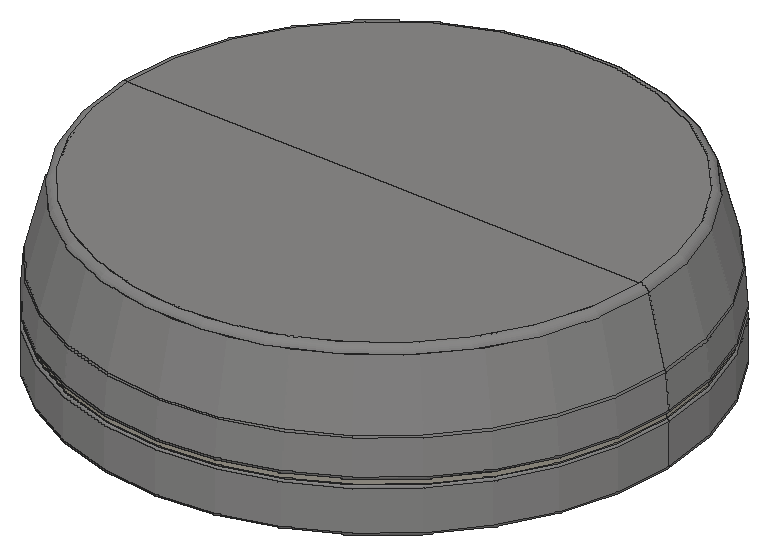
Revit family "Seating-Large-Teknion-STBD_Qui-R2013", category Furniture, Revit 2013
Parameters (values of type "Large")
  Width = 60.000"
  Warranty = "http://www.teknionstudio.com/pdfs/Teknion%20Studio%20Warranty.pdf"
  Unit Weight = 0.00 lbf
  URL = "www.teknionstudio.com"
  Top Upholstery Finish [instance] = Fabric - Teknion - F206 - Full Wool - Fantasme
  Thread Finish [instance] = Thread - Teknion - Silver
  Series = "Studio"
  Product Line = "Qui"
  Product Documentation Link = "http://www.teknionstudio.com/pricing/STBD_ppg.pdf"
  Part Number = "STBD"
  No Casters = no
  Model = "STBD4"
  Mid Wood Finish [instance] = Wood - Teknion - MP - Natural Maple
  Manufacturer Phone = "919-464-2920"
  Manufacturer Fax = "919-464-2927"
  Manufacturer Email = "customersupport@teknionstudio.com"
  Manufacturer Address = "3941 US 70 Business HWY West, Clayton, NC 27520"
  Manufacturer = "Teknion Studio"
  Low Emitting Material = yes
  Low Emitting Finish = yes
  Height = 17.3001"
  Description = "Qui Large Ottoman - Wood Mid Panel, 60\"dia x 18\"h / 152cm x 46cm"
  Depth = 60.000"
  Base Upholstery Finish [instance] = Fabric - Teknion - F206 - Full Wool - Fantasme
  Assembly Code = "E2020200"
Reference planes (in)
  plane 1 "Center F/B": y = 0
  plane 2: z = 0
  plane 3 "Center L/R": x = 0
  plane 4 "Left": x = -30
  plane 5 "Right": x = 30
  plane 6 "Back": y = 30
  plane 7 "Front": y = -30
  plane 8 "Top": z = 17.3001
  plane 9 "Mid Top": z = 5.99
  plane 10 "Mid Bottom": z = 5.4351
  plane 11 "Casters Top": z = 2.6851
  plane 12 "Bottom": z = 0.75
  plane 13: y = -10.5
  plane 14: through (0, 0, 48) normal (-0.5, 0.866, 0)
  plane 15: through (0, 0, 48) normal (0.5, 0.866, 0)
  plane 16 "Wheel Mid Plane": z = 1.19
  plane 17 "Thread 2": z = 16.6501
  plane 18 "Thread 3": x = -0.325
  plane 19 "Thread 4": x = 0.325
  plane 20: x = -3.725
  plane 21: x = 3.725
  plane 22: z = 5.61
  plane 23: z = 5.81
Forms (in)
  Revolve 1, solid, material "Fabric - Teknion - F206 - Full Wool - Fantasme" <- "Base Upholstery Finish"
    sketch origin (0, 0, 0) x (1, 0, 0) y (0, 0, 1)
      loop
        line (0, 5.4351) -> (-29.75, 5.4351)
        arc (-29.75, 5.4351) -> (-29.92678, 5.36188) -> (-30, 5.1851) r 0.25
        line (-30, 5.1851) -> (-30, 1)
        arc (-30, 1) -> (-29.92678, 0.82322) -> (-29.75, 0.75) r 0.25
        line (-29.75, 0.75) -> (0, 0.75) -> (0, 5.4351)
      axis (0, 5.4351) -> (0, 0.75)
    angle from 0 to 360
  Revolve 2, solid, material "Wood - Teknion - MP - Natural Maple" <- "Mid Wood Finish"
    sketch origin (0, 0, 0) x (1, 0, 0) y (0, 0, 1)
      loop
        arc (-29.65, 6.0501) -> (-29.72071, 6.02081) -> (-29.75, 5.9501) r 0.1
        line (-29.75, 5.9501) -> (-29.75, 5.47013)
        arc (-29.75, 5.47013) -> (-29.72067, 5.39933) -> (-29.64987, 5.37) r 0.10013
        line (-29.64987, 5.37) -> (0, 5.37) -> (0, 6.0501) -> (-29.65, 6.0501)
      axis (0, 6.0501) -> (0, 5.37)
    angle from 0 to 360
  Revolve 3, solid, material "Fabric - Teknion - F206 - Full Wool - Fantasme" <- "Top Upholstery Finish"
    sketch origin (0, 0, 0) x (1, 0, 0) y (0, 0, 1)
      loop
        line (0, 17.3001) -> (0, 5.99) -> (29.73328, 5.99)
        arc (29.73328, 5.99) -> (29.9176, 6.0711) -> (29.98233, 6.26179) r 0.25
        line (29.98233, 6.26179) -> (29.67651, 9.75731)
        arc (29.67651, 9.75731) -> (29.66114, 9.87407) -> (29.63565, 9.98906) r 1.35
        line (29.63565, 9.98906) -> (27.8554, 16.63304)
        arc (27.8554, 16.63304) -> (27.53395, 17.11412) -> (26.98607, 17.3001) r 0.9
        line (26.98607, 17.3001) -> (0, 17.3001)
      axis (0, 5.99) -> (0, 17.3001)
    angle from 0 to 360
  Revolve 4, solid, material "Plastic - Teknion - E - Ebony"
    sketch origin (0, -16.9, 0) x (0, 1, 0) y (0, 0, 1)
      loop
        line (-10.5, 0) -> (-10.5, 0.75) -> (-11, 0.75) -> (-10.89982, 0) -> (-10.5, 0)
      axis (-10.5, 0) -> (-10.5, 0.75)
    angle from 0 to 360
  Revolve 5, solid, material "Plastic - Teknion - E - Ebony"
    sketch origin (-14.63583, -8.45, 0) x (0.866025, 0.5, 0) y (0, 0, 1)
      loop
        line (-10.5, 0) -> (-10.5, 0.75) -> (-11, 0.75) -> (-10.89982, 0) -> (-10.5, 0)
      axis (-10.5, 0) -> (-10.5, 0.75)
    angle from 0 to 360
  Revolve 6, solid, material "Plastic - Teknion - E - Ebony"
    sketch origin (-14.63583, 8.45, 0) x (0.866025, -0.5, 0) y (0, 0, 1)
      loop
        line (-10.5, 0) -> (-10.5, 0.75) -> (-11, 0.75) -> (-10.89982, 0) -> (-10.5, 0)
      axis (-10.5, 0) -> (-10.5, 0.75)
    angle from 0 to 360
  Revolve 7, solid, material "Plastic - Teknion - E - Ebony"
    sketch origin (0, 16.9, 0) x (0, -1, 0) y (0, 0, 1)
      loop
        line (-10.5, 0) -> (-10.5, 0.75) -> (-11, 0.75) -> (-10.89982, 0) -> (-10.5, 0)
      axis (-10.5, 0) -> (-10.5, 0.75)
    angle from 0 to 360
  Revolve 8, solid, material "Plastic - Teknion - E - Ebony"
    sketch origin (14.63583, 8.45, 0) x (-0.866025, -0.5, 0) y (0, 0, 1)
      loop
        line (-10.5, 0) -> (-10.5, 0.75) -> (-11, 0.75) -> (-10.89982, 0) -> (-10.5, 0)
      axis (-10.5, 0) -> (-10.5, 0.75)
    angle from 0 to 360
  Revolve 9, solid, material "Plastic - Teknion - E - Ebony"
    sketch origin (14.63583, -8.45, 0) x (-0.866025, 0.5, 0) y (0, 0, 1)
      loop
        line (-10.5, 0) -> (-10.5, 0.75) -> (-11, 0.75) -> (-10.89982, 0) -> (-10.5, 0)
      axis (-10.5, 0) -> (-10.5, 0.75)
    angle from 0 to 360
Lines and regions (in)
  Masking region 1
    outline origin (0, 0, 17.3001) x (-1, 0, 0) y (0, -1, 0)
      loop
        circle (0, 0) r 30
  symbolic lines, detail levels fine
    curve 1: circle (0, 0, 17.3001) r 29.5 normal (0, 0, 1)
  symbolic lines, detail levels medium+fine
    curve 2: circle (0, 0, 17.3001) r 27.85 normal (0, 0, 1)
  symbolic lines
    curve 3: circle (0, 0, 17.3001) r 27.35 normal (0, 0, 1)
  model lines, detail levels medium+fine
    curve 4: arc (0.325, -27.8481, 16.6501) -> (2.0288, -27.77601, 16.6501) -> (3.725, -27.59976, 16.6501) r 27.85
    curve 5: arc (-3.725, -27.59976, 16.6501) -> (-2.0288, -27.77601, 16.6501) -> (-0.325, -27.8481, 16.6501) r 27.85
    curve 7: line (-0.325, -27.85035, 16.6501) -> (-0.325, -29.64438, 9.95469)
    curve 8: line (-0.325, -29.97955, 6.24243) -> (-0.325, -29.69419, 9.50408)
    curve 9: arc (-0.325, -29.64438, 9.95469) -> (-0.325, -29.67065, 9.72953) -> (-0.325, -29.69419, 9.50408) r 18.79624
    curve 10: arc (-0.325, -29.97955, 6.24243) -> (-0.325, -29.90562, 6.06393) -> (-0.325, -29.72712, 5.99) r 0.25243
    curve 11: line (-0.325, -30, 5.19389) -> (-0.325, -30, 1.00401)
    curve 12: arc (-0.325, -30, 1.00401) -> (-0.325, -29.9256, 0.8244) -> (-0.325, -29.74599, 0.75) r 0.25401
    curve 13: arc (-0.325, -30, 5.19389) -> (-0.325, -29.93367, 5.36175) -> (-0.325, -29.76808, 5.43354) r 0.23582
    curve 14: line (0.325, -27.85035, 16.6501) -> (0.325, -29.64438, 9.95469)
    curve 15: line (0.325, -29.97955, 6.24243) -> (0.325, -29.69419, 9.50408)
    curve 16: arc (0.325, -29.64438, 9.95469) -> (0.325, -29.67065, 9.72953) -> (0.325, -29.69419, 9.50408) r 18.79624
    curve 17: arc (0.325, -29.97955, 6.24243) -> (0.325, -29.90562, 6.06393) -> (0.325, -29.72712, 5.99) r 0.25243
    curve 18: line (0.325, -30, 5.19389) -> (0.325, -30, 1.00401)
    curve 19: arc (0.325, -30, 1.00401) -> (0.325, -29.9256, 0.8244) -> (0.325, -29.74599, 0.75) r 0.25401
    curve 20: arc (0.325, -30, 5.19389) -> (0.325, -29.93367, 5.36175) -> (0.325, -29.76808, 5.43354) r 0.23582
  model lines, detail levels fine
    curve 6: arc (-3.725, -27.09514, 17.3001) -> (0, -27.35, 17.3001) -> (3.725, -27.09514, 17.3001) r 27.35
Dimensions and locks (in)
  "Height": plane 8 "Top" to level
  equal spacing: plane 4 "Left", plane 3 "Center L/R", plane 5 "Right"
  "Width": plane 4 "Left" to plane 5 "Right"
  equal spacing: plane 6 "Back", plane 1 "Center F/B", plane 7 "Front"
  "Depth": plane 6 "Back" to plane 7 "Front"
  locked: plane 3 "Center L/R" to Revolve 2 sketch curve at 29.75
  locked: plane 16 "Wheel Mid Plane" to plane 2 at 1.19
  plane 19 "Thread 4" to plane 3 "Center L/R" to plane 18 "Thread 3" = 0.325", 0.325"
  locked: plane 19 "Thread 4" to plane 18 "Thread 3" at 0.65
  Revolve 2 sketch curve to Revolve 2 sketch curve to Revolve 2 sketch curve to Revolve 2 sketch curve to plane 2 = 0.100" locked, 0.47997" locked, 0.10013" locked, 5.370" locked
  equal spacing: plane 20, plane 3 "Center L/R", plane 21
  locked: plane 20 to plane 21 at 7.45
  plane 23 to plane 22 to plane 2 = 0.200" locked, 5.610" locked
  plane 20 to plane 3 "Center L/R" to plane 21 = 3.725" locked, 3.725" locked
  locked: plane 13 to plane 7 "Front" at 19.5
  plane 11 "Casters Top" to plane 12 "Bottom" to level = 1.9351" locked, 0.750" locked
  locked: plane 8 "Top" to plane 17 "Thread 2" at 0.65
  radius of curve 1 = 29.500"
  radius of curve 2 = 27.850"
  radius of curve 3 = 27.350"
  radius of curve 13 = 0.23582"
  radius of curve 10 = 0.25243"
  radius of curve 12 = 0.25401"
  radius of curve 6 = 27.350"
  radius of curve 4 = 27.850"
  radius of Masking region 1 sketch curve = 30.000"
  locked: plane 5 "Right" to Revolve 3 sketch curve (angle 15.00°)
  locked: plane 5 "Right" to Revolve 3 sketch curve (angle 5.00°)
  locked: curve 5 to curve 5 (angle 7.01784°)
  locked: curve 4 to curve 4 (angle 7.01784°)
  angle plane 7 "Front" to curve 7 = 15.00°
  locked: plane 7 "Front" to curve 8 (angle 5.00°)
  aligned and locked: level to plane 2
  aligned and locked: plane 8 "Top" to Revolve 1 sketch curve
  aligned and locked: plane 2 to Revolve 1 sketch curve
  aligned and locked: Revolve 1 sketch curve to plane 3 "Center L/R"  (x2)
  aligned and locked: Revolve 1 sketch curve to plane 4 "Left"
  aligned and locked: Revolve 1 sketch curve to plane 12 "Bottom"
  aligned and locked: plane 10 "Mid Bottom" to Revolve 1 sketch curve
  aligned and locked: plane 8 "Top" to Revolve 2 sketch curve
  aligned and locked: plane 2 to Revolve 2 sketch curve
  aligned and locked: Revolve 2 sketch curve to plane 3 "Center L/R"  (x2)
  aligned and locked: plane 8 "Top" to Revolve 3 sketch curve
  aligned and locked: plane 2 to Revolve 3 sketch curve
  aligned and locked: plane 3 "Center L/R" to Revolve 3 sketch curve
  aligned and locked: Revolve 3 sketch curve to plane 8 "Top"
  aligned and locked: Revolve 3 sketch curve to plane 9 "Mid Top"
  aligned and locked: Revolve 3 sketch curve to plane 3 "Center L/R"
  aligned and locked: curve 4 to curve 5
  aligned and locked: curve 7 to curve 14
  aligned and locked: curve 16 to curve 9
  aligned and locked: curve 15 to curve 8
  aligned and locked: curve 17 to curve 10
  aligned and locked: curve 20 to curve 13
  aligned and locked: curve 18 to curve 11
  aligned and locked: curve 19 to curve 12
  aligned and locked: curve 7 to curve 4
  aligned and locked: plane 3 "Center L/R" to Masking region 1 sketch curve
  aligned and locked: plane 1 "Center F/B" to Masking region 1 sketch curve
  aligned and locked: plane 1 "Center F/B" to curve 2
  aligned and locked: plane 3 "Center L/R" to curve 2
  aligned and locked: plane 20 to curve 6
  aligned and locked: plane 21 to curve 6
  aligned and locked: curve 4 to curve 14
  aligned and locked: plane 21 to curve 4
  aligned and locked: curve 5 to curve 7
  aligned and locked: plane 1 "Center F/B" to curve 1
  aligned and locked: plane 3 "Center L/R" to curve 1
  aligned and locked: plane 1 "Center F/B" to curve 3
  aligned and locked: plane 3 "Center L/R" to curve 3
Automatic sketch dimensions
  plane 4 "Left" to Revolve 1 sketch curve = 0.250"
  plane 12 "Bottom" to Revolve 1 sketch curve = 0.250"
  Revolve 3 sketch curve to plane 5 "Right" = 0.01767"
  plane 9 "Mid Top" to Revolve 3 sketch curve = 0.27179"
  Revolve 3 sketch curve to plane 8 "Top" = 0.66706"
  Revolve 3 sketch curve to Revolve 3 sketch curve = 0.86933"
  Revolve 3 sketch curve to plane 5 "Right" = 0.36435"
  Revolve 3 sketch curve to Revolve 3 sketch curve = 0.04086"
  Revolve 3 sketch curve to plane 5 "Right" = 0.26672"
  Revolve 3 sketch curve to Revolve 3 sketch curve = 1.34486"
  Revolve 3 sketch curve to Revolve 3 sketch curve = 0.23175"
  Revolve 4 sketch curve to Revolve 4 sketch curve = 0.10018"
  Revolve 4 sketch curve to Revolve 4 sketch curve = 0.39982"
  Revolve 4 sketch curve to Revolve 4 sketch curve = 0.000"  (x2)
  Revolve 4 sketch curve to Revolve 4 sketch curve = 0.750"
  Revolve 4 sketch curve to Revolve 4 sketch curve = 16.5501"
  Revolve 5 sketch curve to Revolve 5 sketch curve = 0.10018"
  Revolve 5 sketch curve to Revolve 5 sketch curve = 0.39982"
  Revolve 5 sketch curve to Revolve 5 sketch curve = 0.000"  (x2)
  Revolve 5 sketch curve to Revolve 5 sketch curve = 0.750"
  Revolve 5 sketch curve to Revolve 5 sketch curve = 16.5501"
  Revolve 6 sketch curve to Revolve 6 sketch curve = 0.10018"
  Revolve 6 sketch curve to Revolve 6 sketch curve = 0.39982"
  Revolve 6 sketch curve to Revolve 6 sketch curve = 0.000"  (x2)
  Revolve 6 sketch curve to Revolve 6 sketch curve = 0.750"
  Revolve 6 sketch curve to Revolve 6 sketch curve = 16.5501"
  Revolve 7 sketch curve to Revolve 7 sketch curve = 0.10018"
  Revolve 7 sketch curve to Revolve 7 sketch curve = 0.39982"
  Revolve 7 sketch curve to Revolve 7 sketch curve = 0.000"  (x2)
  Revolve 7 sketch curve to Revolve 7 sketch curve = 0.750"
  Revolve 7 sketch curve to Revolve 7 sketch curve = 16.5501"
  Revolve 8 sketch curve to Revolve 8 sketch curve = 0.10018"
  Revolve 8 sketch curve to Revolve 8 sketch curve = 0.39982"
  Revolve 8 sketch curve to Revolve 8 sketch curve = 0.000"  (x2)
  Revolve 8 sketch curve to Revolve 8 sketch curve = 0.750"
  Revolve 8 sketch curve to Revolve 8 sketch curve = 16.5501"
  Revolve 9 sketch curve to Revolve 9 sketch curve = 0.10018"
  Revolve 9 sketch curve to Revolve 9 sketch curve = 0.39982"
  Revolve 9 sketch curve to Revolve 9 sketch curve = 0.000"  (x2)
  Revolve 9 sketch curve to Revolve 9 sketch curve = 0.750"
  Revolve 9 sketch curve to Revolve 9 sketch curve = 16.5501"
  curve 13 to plane 10 "Mid Bottom" = 0.00156"
  curve 18 to plane 7 "Front" = 0.000"
  curve 18 to plane 16 "Wheel Mid Plane" = 0.18599"
  curve 14 to plane 7 "Front" = 0.35562"
  curve 19 to plane 12 "Bottom" = 0.000"
  curve 17 to plane 9 "Mid Top" = 0.000"
  curve 14 to plane 17 "Thread 2" = 0.000"
  curve 18 to plane 10 "Mid Bottom" = 0.24121"
  curve 15 to plane 7 "Front" = 0.02045"
  plane 9 "Mid Top" to curve 15 = 0.25243"
  curve 15 to plane 7 "Front" = 0.30581"
  curve 17 to curve 15 = 3.26165"
  curve 16 to curve 14 = 0.45061"
  curve 18 to curve 20 = 0.00386"
  curve 20 to plane 10 "Mid Bottom" = 0.00156"
  curve 16 to plane 13 = 0.48821"
  curve 14 to plane 7 "Front" = 2.14965"
  curve 20 to curve 18 = 0.23579"
  plane 1 "Center F/B" to curve 5 = 0.000"
  curve 1 to curve 6 = 0.000"  (x2)
